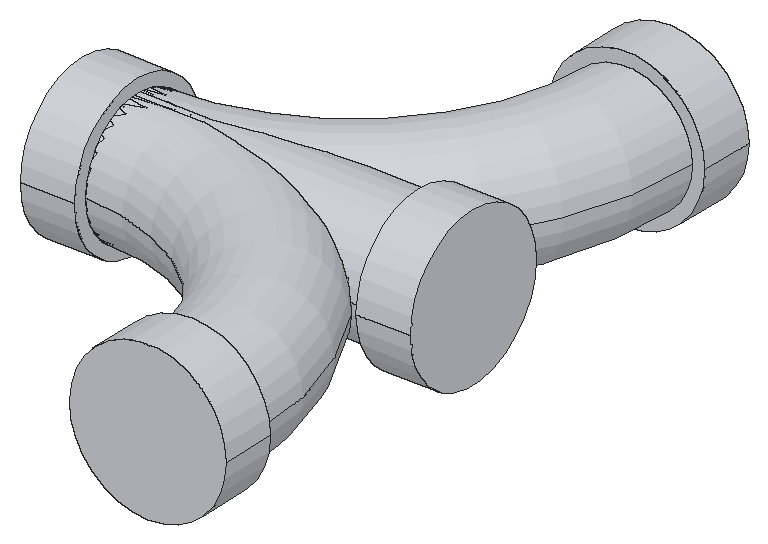
Revit family "M_T de curva longa de esgoto duplo - PVC - Sch 40 - DWV", category Conexões de tubo, Revit 2019
Family settings
  Cota do conector redondo = Usar raio
  Tipo de parte = Cruzeta
  Número OmniClass = 23.60.30.11.14
  Título OmniClass = Pipework Fittings
  ID de item do Seek = Tee Long Sweep Double Sanitary - PVC - Sch 40 - DWV-0000-CAN-ENU
  Com base no plano de trabalho = Não
  Sempre na vertical = Sim
  Corte com vazios quando carregada = Não
  Compartilhado = Não
Parameters (values of type "Padrão")
  Espessura da parede [instance] = size_lookup(Nome da tabela de pesquisa, "WThk", 0.02 * Diâmetro nominal + 3.274 mm, Diâmetro nominal)  # 3.962 mm
  Tamanho da marca de revisão [instance] = Diâmetro externo da conexão * 0.4  # 16.866 mm
  Raio externo do soquete [instance] = Diâmetro externo do soquete / 2  # 25.235 mm
  Diâmetro externo do soquete [instance] = Diâmetro da entrada do soquete + Espessura da parede * 2  # 50.47 mm
  Diâmetro da entrada do soquete [instance] = size_lookup(Nome da tabela de pesquisa, "SED", 1.04 * Diâmetro nominal + 9.426 mm, Diâmetro nominal)  # 42.545 mm
  Profundidade do soquete [instance] = size_lookup(Nome da tabela de pesquisa, "SDpt", 0.5 * Diâmetro nominal, Diâmetro nominal)  # 17.45 mm
  Execução do inferior do soquete até o inferior do soquete [instance] = size_lookup(Nome da tabela de pesquisa, "SBtSBR", 2.07 * Diâmetro nominal + 9.128 mm, Diâmetro nominal)  # 77.788 mm
  Raio 4 [instance] = if(Comprimento 9 = Profundidade do soquete, Diâmetro externo do soquete / 2, Raio externo da conexão)  # 25.235 mm
  Raio 3 [instance] = if(Comprimento 9 = Profundidade do soquete, Raio externo do soquete, Raio externo da conexão)  # 25.235 mm
  Raio 2 [instance] = if(Comprimento 8 = Profundidade do soquete, Diâmetro externo do soquete / 2, Raio externo da conexão)  # 25.235 mm
  Raio 1 [instance] = if(Comprimento 8 = Profundidade do soquete, Raio externo do soquete, Raio externo da conexão)  # 25.235 mm
  Ângulo mínimo 12 [instance] = if(Ângulo 1 < Ângulo 2, Ângulo 1, Ângulo 2)  # 90.00°
  Método de perda = Não definido
  Nome da tabela de pesquisa = "M_Tee Long Sweep Double Sanitary - PVC - Sch 40 - DWV"
  Comprimento 9 [instance] = if(Comprimento 7 > Raio externo do soquete, Profundidade do soquete, if((Raio externo do soquete * cos(Ângulo 2) + Raio externo do soquete - Comprimento 5) / sin(Ângulo 2) > 3.175 mm, (Raio externo do soquete * cos(Ângulo 2) + Raio externo do soquete - Comprimento 5) / sin(Ângulo 2), 3.175 mm))  # 17.45 mm
  Comprimento 8 [instance] = if(Comprimento 6 > Raio externo do soquete, Profundidade do soquete, if((Raio externo do soquete * cos(Ângulo 1) + Raio externo do soquete - Comprimento 4) / sin(Ângulo 1) > 3.175 mm, (Raio externo do soquete * cos(Ângulo 1) + Raio externo do soquete - Comprimento 4) / sin(Ângulo 1), 3.175 mm))  # 17.45 mm
  Comprimento 7 [instance] = Comprimento 5 - Raio externo do soquete * cos(Ângulo 2)  # 87.312 mm
  Comprimento 6 [instance] = Comprimento 4 - Raio externo do soquete * cos(Ângulo 1)  # 87.312 mm
  Comprimento 5 [instance] = Raio do centro 2 * (1 - cos(Ângulo 2))  # 87.313 mm
  Comprimento 4 [instance] = Raio do centro 1 * (1 - cos(Ângulo 1))  # 87.313 mm
  Comprimento 3 [instance] = if(Execução do inferior do soquete até o inferior do soquete - Execução do centro até o soquete inferior > 3.175 mm, Execução do inferior do soquete até o inferior do soquete - Execução do centro até o soquete inferior, 3.175 mm)  # 3.175 mm
  Comprimento 2 [instance] = 0 mm  # constant formula
  Comprimento 19 [instance] = if(Comprimento 9 = Profundidade do soquete, Profundidade do soquete, Profundidade do soquete + Comprimento 9)  # 17.45 mm
  Comprimento 18 [instance] = if(Comprimento 8 = Profundidade do soquete, Profundidade do soquete, Profundidade do soquete + Comprimento 8)  # 17.45 mm
  Comprimento 17 [instance] = Comprimento 12 + 4572 mm  # 4659.312 mm
  Comprimento 16 [instance] = Comprimento 10 + 4572 mm  # 4659.312 mm
  Comprimento 15 [instance] = if(Ângulo mínimo 12 < 90.00°, if(Centro para legenda da ramificação inferior do soquete + Comprimento 3 > Comprimento 14, Comprimento 3, Comprimento 14 - Centro para legenda da ramificação inferior do soquete), Comprimento 3)  # 3.175 mm
  Comprimento 14 [instance] = if(Comprimento 10 > Comprimento 12, Comprimento 10 - cos(Ângulo 1) * Profundidade do soquete + Raio externo do soquete * sin(Ângulo 1), Comprimento 12 - cos(Ângulo 2) * Profundidade do soquete + Raio externo do soquete * sin(Ângulo 2))  # 112.547 mm
  Comprimento 13 [instance] = if(Comprimento 7 > Raio externo do soquete, Comprimento 5 + Profundidade do soquete * sin(Ângulo 2), Comprimento 5 + (Comprimento 9 + Profundidade do soquete) * sin(Ângulo 2))  # 104.762 mm
  Comprimento 12 [instance] = if(Comprimento 7 > Raio externo do soquete, Raio do centro 2 * sin(Ângulo 2) + Profundidade do soquete * cos(Ângulo 2), Raio do centro 2 * sin(Ângulo 2) + (Comprimento 9 + Profundidade do soquete) * cos(Ângulo 2))  # 87.313 mm
  Comprimento 11 [instance] = if(Comprimento 6 > Raio externo do soquete, Comprimento 4 + Profundidade do soquete * sin(Ângulo 1), Comprimento 4 + (Comprimento 8 + Profundidade do soquete) * sin(Ângulo 1))  # 104.762 mm
  Comprimento 10 [instance] = if(Comprimento 6 > Raio externo do soquete, Raio do centro 1 * sin(Ângulo 1) + Profundidade do soquete * cos(Ângulo 1), Raio do centro 1 * sin(Ângulo 1) + (Comprimento 8 + Profundidade do soquete) * cos(Ângulo 1))  # 87.313 mm
  Comprimento 1 [instance] = if(Raio externo da conexão * tan(Ângulo 1 / 2) > Raio externo da conexão * tan(Ângulo 2 / 2), Raio externo da conexão * tan(Ângulo 1 / 2), Raio externo da conexão * tan(Ângulo 2 / 2))  # 21.082 mm
  Raio do centro 1 [instance] = Centro para legenda da ramificação inferior do soquete / tan(Ângulo 1 / 2)  # 87.313 mm
  Raio nominal [instance] = 16 mm
  Diâmetro nominal [instance] = Raio nominal * 2  # 32 mm
  Raio do centro 2 [instance] = Centro para legenda da ramificação inferior do soquete / tan(Ângulo 2 / 2)  # 87.313 mm
  Centro para legenda da ramificação inferior do soquete [instance] = if(Comprimento 1 < Centro para ramificação inferior do soquete, Centro para ramificação inferior do soquete, Comprimento 1 + 3.175 mm)  # 87.313 mm
  Raio externo da conexão [instance] = Diâmetro externo da conexão / 2  # 21.082 mm
  Diâmetro externo da conexão [instance] = size_lookup(Nome da tabela de pesquisa, "FOD", 1.04 * Diâmetro nominal + 9.128 mm, Diâmetro nominal)  # 42.164 mm
  Execução do centro até o soquete inferior [instance] = Centro para ramificação inferior do soquete  # 87.313 mm
  Centro para ramificação inferior do soquete [instance] = size_lookup(Nome da tabela de pesquisa, "CtSBB", 2.51 * Diâmetro nominal + 3.572 mm, Diâmetro nominal)  # 87.313 mm
  Ângulo 2 [instance] = 90.00°
  Ângulo 1 [instance] = 90.00°
Reference planes
  plane 1 "Centro (Frente/Trás)": y = 0
  plane 2: z = 0
  plane 3 "Centro (Esquerda/Direita)": x = 0
  plane 4: x = -87.312
  plane 5: y = 87.312
  plane 6: y = -87.313
  plane 7: x = -87.312
  plane 8: x = 3.175
  plane 9: x = -104.762
  plane 10: x = 20.625
  plane 11: x = -4659.312
  plane 12: y = -104.762
  plane 13: x = 0
  plane 14: y = 104.762
  plane 15: x = 0
Forms (mm)
  Sweep 1, solid, detail levels fine
    path in 3D
      loop
        arc (-87.312, 0, 0) -> (-25.573, 25.573, 0) -> (0, 87.312, 0) r 87.313
    profile origin (-25.573, 25.573, 0) x (-0.707107, 0.707107, 0) y (0, 0, 1)
      loop
        circle (0, 0) r 21.082
  Sweep 2, solid, detail levels fine
    path in 3D
      loop
        line (-104.762, 0, 0) -> (-87.312, 0, 0)
    profile origin (-96.037, 0, 0) x (0, 1, 0) y (0, 0, 1)
      loop
        circle (0, 0) r 25.235
  Sweep 3, solid, detail levels fine
    path in 3D
      loop
        line (3.175, 0, 0) -> (20.625, 0, 0)
    profile origin (11.9, 0, 0) x (0, 1, 0) y (0, 0, 1)
      loop
        circle (0, 0) r 25.235
  Blend 4, solid, detail levels fine
    base sketch origin (0, 0, 0) x (0, 1, 0) y (0, 0, 1)
      loop
        circle (0, 0) r 21.082
    top sketch origin (0, 0, 0) x (0, 1, 0) y (0, 0, 1)
      loop
        circle (0, 0) r 21.082
    from -87.313 to 3.175
  Sweep 5, solid, detail levels fine
    path in 3D
      loop
        line (0, 87.312, 0) -> (0, 104.762, 0)
    profile origin (0, 96.037, 0) x (-1, 0, 0) y (0, 0, 1)
      loop
        circle (0, 0) r 25.235
  Sweep 6, solid, detail levels fine
    path origin (0, 0, 0) x (1, 0, 0) y (0, 1, 0)
      loop
        line (0, 104.762) -> (0, 87.312)
    profile origin (0, 96.037, 0) x (1, 0, 0) y (0, 0, 1)
      loop
        circle (0, 0) r 25.235
  Sweep 7, solid, detail levels fine
    path in 3D
      loop
        arc (-87.312, 0, 0) -> (-25.573, -25.573, 0) -> (0, -87.313, 0) r 87.312
    profile origin (-25.573, -25.573, 0) x (0.707107, 0.707107, 0) y (0, 0, 1)
      loop
        circle (0, 0) r 21.082
  Sweep 8, solid, detail levels fine
    path in 3D
      loop
        line (0, -104.762, 0) -> (0, -87.313, 0)
    profile origin (0, -96.037, 0) x (-1, 0, 0) y (0, 0, 1)
      loop
        circle (0, 0) r 21.082
  Sweep 9, solid, detail levels fine
    path origin (0, 0, 0) x (1, 0, 0) y (0, 1, 0)
      loop
        line (0, -104.762) -> (0, -87.313)
    profile origin (0, -96.037, 0) x (-1, 0, 0) y (0, 0, 1)
      loop
        circle (0, 0) r 25.235
Cuts and joins
  joined: Sweep 2, Sweep 3, Blend 4
  joined: Sweep 1, Sweep 5, Sweep 6
  joined: Sweep 7, Sweep 8, Sweep 9
Lines and regions (mm)
  model lines, detail levels coarse+medium
    curve 1: arc (-87.312, 0, 0) -> (-25.573, 25.573, 0) -> (0, 87.312, 0) r 87.313
    curve 2: line (-87.312, 0, 0) -> (3.175, 0, 0)
    curve 4: line (0, 87.312, 0) -> (0, 104.762, 0)
    curve 5: line (-104.762, 0, 0) -> (-87.312, 0, 0)
    curve 7: line (3.175, 0, 0) -> (20.625, 0, 0)
    curve 9: line (-104.762, 0, 0) -> (-104.762, 16.866, 0)
    curve 10: line (-104.762, 0, 0) -> (-104.762, -16.866, 0)
    curve 11: line (20.625, 0, 0) -> (20.625, 16.866, 0)
    curve 12: line (20.625, 0, 0) -> (20.625, -16.866, 0)
    curve 14: line (0, 104.762, 0) -> (16.866, 104.762, 0)
    curve 15: line (0, 104.762, 0) -> (-16.866, 104.762, 0)
    curve 18: arc (-87.312, 0, 0) -> (-25.573, -25.573, 0) -> (0, -87.313, 0) r 87.312
    curve 19: line (0, -104.762, 0) -> (0, -87.313, 0)
    curve 22: line (0, -104.762, 0) -> (16.866, -104.762, 0)
    curve 23: line (0, -104.762, 0) -> (-16.866, -104.762, 0)
  sketch lines
    curve 3: arc (-87.312, 0, 0) -> (-25.573, 25.573, 0) -> (0, 87.312, 0) r 87.313
    curve 6: line (-104.762, 0, 0) -> (-87.312, 0, 0)
    curve 8: line (3.175, 0, 0) -> (20.625, 0, 0)
    curve 13: line (0, 87.312, 0) -> (0, 104.762, 0)
    curve 20: arc (-87.312, 0, 0) -> (-25.573, -25.573, 0) -> (0, -87.313, 0) r 87.312
    curve 21: line (0, -104.762, 0) -> (0, -87.313, 0)
  reference lines
    curve 16: line (-104.762, 0, 0) -> (-87.312, 0, 0)
    curve 17: line (0, 104.762, 0) -> (0, 87.312, 0)
Dimensions and locks
  "Centro para legenda da ramificação inferior do soquete": plane 4 to plane 3 "Centro (Esquerda/Direita)"
  "Raio do centro 2": plane 5 to plane 1 "Centro (Frente/Trás)"
  "Raio do centro 1": plane 6 to plane 1 "Centro (Frente/Trás)"
  "Comprimento 19": curve 4 to curve 4
  "Profundidade do soquete": plane 10 to plane 8
  "Profundidade do soquete": plane 9 to plane 7
  "Comprimento 2": plane 7 to plane 4
  "Comprimento 15": plane 3 "Centro (Esquerda/Direita)" to plane 8
  "Tamanho da marca de revisão": plane 1 "Centro (Frente/Trás)" to curve 9
  "Tamanho da marca de revisão": curve 10 to plane 1 "Centro (Frente/Trás)"
  equal spacing: curve 12, plane 1 "Centro (Frente/Trás)", curve 11
  "Tamanho da marca de revisão": curve 12 to plane 1 "Centro (Frente/Trás)"
  "Comprimento 11": plane 12 to plane 1 "Centro (Frente/Trás)"
  "Comprimento 13": plane 14 to plane 1 "Centro (Frente/Trás)"
  "Tamanho da marca de revisão": curve 14 to curve 14
  "Tamanho da marca de revisão": curve 15 to curve 15
  locked: plane 11 to plane 4 at 4572
  "Comprimento 17": plane 11 to plane 15
  "Comprimento 16": plane 11 to plane 13
  "Profundidade do soquete": Sweep 6 sketch curve to Sweep 6 sketch curve
  "Comprimento 18": curve 19 to curve 19
  "Profundidade do soquete": Sweep 9 sketch curve to Sweep 9 sketch curve
  "Tamanho da marca de revisão": curve 22 to curve 22
  "Tamanho da marca de revisão": curve 23 to curve 23
  "Raio do centro 2": radius of curve 1
  "Raio externo da conexão": radius of Sweep 1 sketch curve
  "Raio externo do soquete": radius of Sweep 2 sketch curve
  "Raio externo do soquete": radius of Sweep 3 sketch curve
  "Raio externo da conexão": radius of Blend 4 sketch curve  (x2)
  "Raio 3": radius of Sweep 5 sketch curve
  "Raio externo do soquete": radius of Sweep 6 sketch curve
  "Raio externo da conexão": radius of Sweep 7 sketch curve
  "Raio externo da conexão": radius of Sweep 8 sketch curve
  "Raio externo do soquete": radius of Sweep 9 sketch curve
  "Ângulo 2": angle curve 1 to curve 1
  "Ângulo 2": angle plane 1 "Centro (Frente/Trás)" to curve 4
  "Ângulo 2": angle plane 15 to curve 14
  "Ângulo 2": angle plane 15 to curve 15
  "Ângulo 2": angle plane 14 to curve 17
  "Ângulo 2": angle plane 14 to Sweep 6 sketch curve
  "Ângulo 1": angle curve 18 to curve 18
  "Ângulo 1": angle curve 19 to plane 12
  "Ângulo 1": angle Sweep 9 sketch curve to plane 12
  locked: curve 22 to curve 19 (angle 90.00°)
  locked: curve 19 to curve 23 (angle 90.00°)
  aligned and locked: level to Sweep 1 sketch curve
  aligned and locked: plane 1 "Centro (Frente/Trás)" to curve 5
  aligned and locked: plane 9 to curve 5
  aligned and locked: plane 1 "Centro (Frente/Trás)" to curve 7
  aligned and locked: plane 8 to curve 7
  aligned and locked: plane 10 to curve 7
  aligned and locked: plane 7 to curve 5
  aligned and locked: level to Blend 4 sketch curve  (x2)
  aligned and locked: plane 1 "Centro (Frente/Trás)" to Blend 4 sketch curve  (x2)
  aligned and locked: Blend 4 to plane 7
  aligned and locked: plane 8 to Blend 4
  aligned and locked: plane 9 to curve 16
  aligned and locked: plane 1 "Centro (Frente/Trás)" to curve 16
  aligned and locked: plane 14 to curve 17
  aligned and locked: plane 15 to curve 17
  aligned and locked: plane 14 to Sweep 6 sketch curve
  aligned and locked: plane 15 to Sweep 6 sketch curve
  aligned and locked: plane 6 to curve 18
  aligned and locked: plane 1 "Centro (Frente/Trás)" to curve 18
  aligned and locked: plane 12 to Sweep 9 sketch curve
  aligned and locked: plane 13 to Sweep 9 sketch curve
  aligned and locked: plane 13 to curve 22
  aligned and locked: plane 12 to curve 23
Automatic sketch dimensions
  curve 1 to plane 4 = 0 mm
  curve 16 to plane 4 = 0 mm
  Sweep 1 sketch curve to profile plane = 0 mm
  Sweep 2 sketch curve to profile plane = 0 mm  (x2)
  Sweep 3 sketch curve to profile plane = 0 mm  (x2)
  Sweep 5 sketch curve to profile plane = 0 mm  (x2)
  Sweep 6 sketch curve to level = 0 mm
  profile plane to Sweep 6 sketch curve = 0 mm
  Sweep 7 sketch curve to profile plane = 0 mm  (x2)
  Sweep 8 sketch curve to profile plane = 0 mm  (x2)
  Sweep 9 sketch curve to level = 0 mm
  Sweep 9 sketch curve to profile plane = 0 mm
Connectors
  piping at (-104.762, 0, 0), diameter 32, driven by "Raio nominal"
    settings: on Sweep 2, index 1, connector inside diameter 32 mm, connector length 0 mm, flow factor 0, pipe flow 0.0 L/s, pressure drop 0.0 Pa, fitting loss kfactor 0, connector angle 0.00°, fixture units 0, engagement length 0 mm, angle of deflection 0.00°, flow configuration 0, flow direction 0, fitting loss method 0, system type 28, joint type 0, gender type 0, connector reference index 2, connector utility 0, adjustable connector no, is connector primary yes, connector description ""
  piping at (20.625, 0, 0), diameter 32, driven by "Raio nominal"
    settings: on Sweep 3, index 2, connector inside diameter 32 mm, connector length 0 mm, flow factor 0, pipe flow 0.0 L/s, pressure drop 0.0 Pa, fitting loss kfactor 0, connector angle 0.00°, fixture units 0, engagement length 0 mm, angle of deflection 0.00°, flow configuration 0, flow direction 0, fitting loss method 0, system type 28, joint type 0, gender type 0, connector reference index 1, connector utility 0, adjustable connector no, is connector primary no, connector description ""
  piping at (0, 104.762, 0), diameter 32, driven by "Ângulo 2", driven by "Raio nominal"
    settings: on cut or joined group of Sweep 1, Sweep 5, Sweep 6, index 4, connector inside diameter 32 mm, connector length 0 mm, flow factor 0, pipe flow 0.0 L/s, pressure drop 0.0 Pa, fitting loss kfactor 0, connector angle 90.00°, fixture units 0, engagement length 0 mm, angle of deflection 0.00°, flow configuration 0, flow direction 0, fitting loss method 0, system type 28, joint type 0, gender type 0, connector reference index -1, connector utility 0, adjustable connector no, is connector primary no, connector description ""
  piping at (0, -104.762, 0), diameter 32, driven by "Raio nominal", driven by "Ângulo 1"
    settings: on cut or joined group of Sweep 7, Sweep 8, Sweep 9, index 5, connector inside diameter 32 mm, connector length 0 mm, flow factor 0, pipe flow 0.0 L/s, pressure drop 0.0 Pa, fitting loss kfactor 0, connector angle 90.00°, fixture units 0, engagement length 0 mm, angle of deflection 0.00°, flow configuration 0, flow direction 0, fitting loss method 0, system type 28, joint type 0, gender type 0, connector reference index -1, connector utility 0, adjustable connector no, is connector primary no, connector description ""
